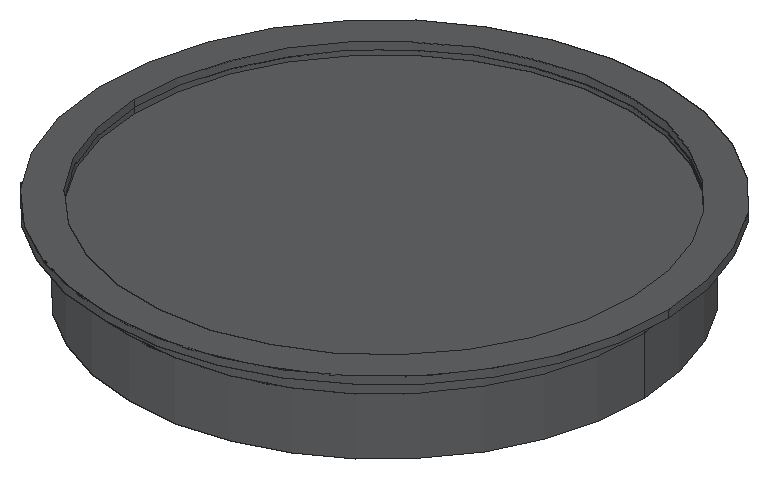
Revit family "Geräteeinsätze GES_Geräteeinsatz_Revisionsabdeckung ZESR4", category Generic Models, Revit 2015
Parameters (values of type "ZESR4 U 9011")
  URL = "http://www.obo-bettermann.com"
  Outer Diameter Dimension = 234 mm
  Material = Plastic RAL 9011
  Manufacturer Art. No. = "7406776"
  Manufacturer = "OBO Bettermann"
  Inner cut2 = 165 mm
  Inner cut 3 = 153 mm
  Inner cut = 206 mm
  Height = 33 mm
  GTIN = "4012195109556"
  Diameter dimesion = 214 mm
  Bodenbelagdicke = 5 mm
  Article Type = "ZESR4 U 9011"
Types (4, lengths in mm): name | Material | Manufacturer Art. No. | GTIN | Article Type
  (no name) | Plastic RAL 9011 | "7406776" | "4012195109556" | "ZESR4 U 9011"
  ZESR4 U 7011 | Plastic RAL 7011 | "7406772" | "4012195109549" | "ZESR4 U 7011"
  ZESR4 U 9011 | Plastic RAL 9011 | "7406776" | "4012195109556" | "ZESR4 U 9011"
  ZESR4 U 1019 | Plastic RAL 1019 | "7406780" | "4012195109563" | "ZESR4 U 1019"
Reference planes
  plane 1 "Center (Front/Back)": y = 0
  plane 2: z = 0
  plane 3 "Center (Left/Right)": x = 0
  plane 4: z = -33
  plane 5: z = 3
  plane 6: z = -2
  plane 7: x = 76.5
  plane 8: x = -76.5
  plane 9: y = -82.5
  plane 10: y = 82.5
  plane 11: y = -65.945
  plane 12: y = 65.945
  plane 13: x = -58.264
  plane 14: x = 58.264
  plane 15: z = -9
Forms (mm)
  Extrusion 1, solid, material "Plastic RAL 9011" <- "Material"
    sketch origin (0, 0, 0) x (1, 0, 0) y (0, 1, 0)
      loop
        circle (0, 0) r 117
    from 0 to 3
  Extrusion 2, solid, material "Plastic RAL 9011" <- "Material"
    sketch origin (0, 0, 0) x (1, 0, 0) y (0, 1, 0)
      loop
        line (-58.264, 82.5) -> (-76.5, 65.945) -> (-76.5, -65.945) -> (-58.264, -82.5) -> (58.264, -82.5) -> (76.5, -65.945) -> (76.5, 65.945) -> (58.264, 82.5) -> (-58.264, 82.5)
      loop
        circle (0, 0) r 107
    from -33 to -9
  Extrusion 3, solid, material "Plastic RAL 9011" <- "Material"
    sketch origin (0, 0, 0) x (1, 0, 0) y (0, 1, 0)
      loop
        circle (0, 0) r 107
    from -9 to -2
  Extrusion 4, void
    sketch origin (0, 0, 0) x (1, 0, 0) y (0, 1, 0)
      loop
        circle (0, 0) r 103
    from -2 to 3
  Extrusion 5, solid, material "Plastic RAL 9011" <- "Material"
    sketch origin (0, 0, 0) x (1, 0, 0) y (0, 1, 0)
      loop
        circle (0, 0) r 107
      loop
        circle (0, 0) r 103
    from -2 to 0
Cuts and joins
  Extrusion 4 cuts Extrusion 1
  Extrusion 4 cuts Extrusion 2
Lines and regions (mm)
  model lines
    curve 1: line (0, -82.75, -33) -> (0, -82.75, -23)
    curve 2: line (0, 82.75, -23) -> (0, 82.75, -33)
    curve 3: line (0, 82.75, -33) -> (0, 82.75, -23)
    curve 5: circle (0, 0, 0) r 117 normal (0, 0, 1)
    curve 7: circle (0, 0, 0) r 107 normal (0, 0, 1)
    curve 9: circle (0, 0, 0) r 103 normal (0, 0, 1)
    curve 10: circle (0, 0, 0) r 103 normal (0, 0, 1)
    curve 11: line (-76.5, 65.945, 0) -> (-58.264, 82.5, 0)
    curve 12: line (76.5, 65.945, 0) -> (58.264, 82.5, 0)
    curve 13: line (-76.5, -65.945, 0) -> (-58.264, -82.5, 0)
    curve 14: line (76.5, -65.945, 0) -> (58.264, -82.5, 0)
    curve 15: line (58.264, 82.5, 0) -> (76.5, 65.945, 0)
    curve 16: line (76.5, 65.945, 0) -> (76.5, -65.945, 0)
    curve 17: line (58.264, -82.5, 0) -> (-58.264, -82.5, 0)
    curve 18: line (-76.5, -65.945, 0) -> (-76.5, 65.945, 0)
    curve 19: line (-58.264, 82.5, 0) -> (58.264, 82.5, 0)
  reference lines
    curve 4: circle (0, 0, 0) r 117 normal (0, 0, 1)
    curve 6: circle (0, 0, 0) r 107 normal (0, 0, 1)
    curve 8: circle (0, 0, 0) r 103 normal (0, 0, 1)
Dimensions and locks
  "Height": plane 4 to level
  locked: level to plane 5 at 3
  "Bodenbelagdicke": plane 6 to plane 5
  equal spacing: plane 10, plane 1 "Center (Front/Back)", plane 9
  "Inner cut2": plane 10 to plane 9
  equal spacing: plane 8, plane 3 "Center (Left/Right)", plane 7
  "Inner cut 3": plane 8 to plane 7
  locked: plane 10 to plane 12 at 16.555
  locked: plane 11 to plane 9 at 16.555
  locked: plane 8 to plane 13 at 18.236
  locked: plane 14 to plane 7 at 18.236
  locked: plane 15 to plane 6 at 7
  "Outer Diameter Dimension": diameter of curve 4
  "Diameter dimesion": diameter of curve 6
  "Inner cut": diameter of curve 8
  aligned and locked: level to plane 2
  aligned and locked: curve 5 to curve 4
  aligned and locked: Extrusion 1 sketch curve to curve 5
  aligned and locked: Extrusion 1 to level
  aligned and locked: plane 5 to Extrusion 1
  aligned and locked: curve 7 to curve 6
  aligned and locked: curve 10 to curve 8
  aligned and locked: curve 16 to plane 7
  aligned and locked: plane 9 to curve 17
  aligned and locked: plane 8 to curve 18
  aligned and locked: curve 19 to plane 10
  aligned and locked: Extrusion 2 sketch curve to curve 19
  aligned and locked: Extrusion 2 sketch curve to curve 15
  aligned and locked: Extrusion 2 sketch curve to curve 16
  aligned and locked: Extrusion 2 sketch curve to curve 14
  aligned and locked: Extrusion 2 sketch curve to curve 17
  aligned and locked: Extrusion 2 sketch curve to curve 13
  aligned and locked: Extrusion 2 sketch curve to curve 18
  aligned and locked: Extrusion 2 sketch curve to curve 11
  aligned and locked: Extrusion 2 sketch curve to curve 7
  aligned and locked: Extrusion 2 to plane 4
  aligned and locked: Extrusion 3 sketch curve to Extrusion 2  (x2)
  aligned and locked: plane 6 to Extrusion 3
  aligned and locked: plane 15 to Extrusion 3
  aligned and locked: Extrusion 4 to plane 6
  aligned and locked: plane 5 to Extrusion 4
  aligned and locked: Extrusion 2 to plane 15
  aligned and locked: Extrusion 5 sketch curve to Extrusion 3  (x2)
  aligned and locked: Extrusion 5 sketch curve to cut or joined group of Extrusion 1, Extrusion 4  (x2)
  aligned and locked: Extrusion 5 to plane 6
  aligned and locked: level to Extrusion 5
Automatic sketch dimensions
  curve 2 to plane 4 = 0 mm
  curve 1 to plane 4 = 0 mm
  plane 1 "Center (Front/Back)" to curve 1 = 82.75 mm
  curve 2 to plane 1 "Center (Front/Back)" = 82.75 mm
  curve 2 to curve 2 = 10 mm
  curve 1 to curve 1 = 10 mm
  curve 4 to curve 8 = 0 mm  (x2)
  curve 6 to curve 8 = 0 mm  (x2)
  plane 1 "Center (Front/Back)" to curve 6 = 0 mm
  curve 6 to plane 3 "Center (Left/Right)" = 0 mm
  curve 5 to curve 9 = 0 mm  (x2)
  curve 13 to plane 13 = 0 mm
  curve 19 to plane 13 = 0 mm
  curve 14 to plane 14 = 0 mm
  curve 12 to plane 14 = 0 mm
  curve 14 to plane 11 = 0 mm
  curve 13 to plane 11 = 0 mm
  curve 15 to plane 12 = 0 mm
  curve 11 to plane 12 = 0 mm
  Extrusion 4 sketch curve to Extrusion 4 sketch curve = 0 mm  (x2)
  plane 1 "Center (Front/Back)" to Extrusion 4 sketch curve = 0 mm
  Extrusion 4 sketch curve to plane 3 "Center (Left/Right)" = 0 mm
  Extrusion 4 sketch curve to plane 8 = 26.5 mm
  radius of curve 9 = 103 mm
